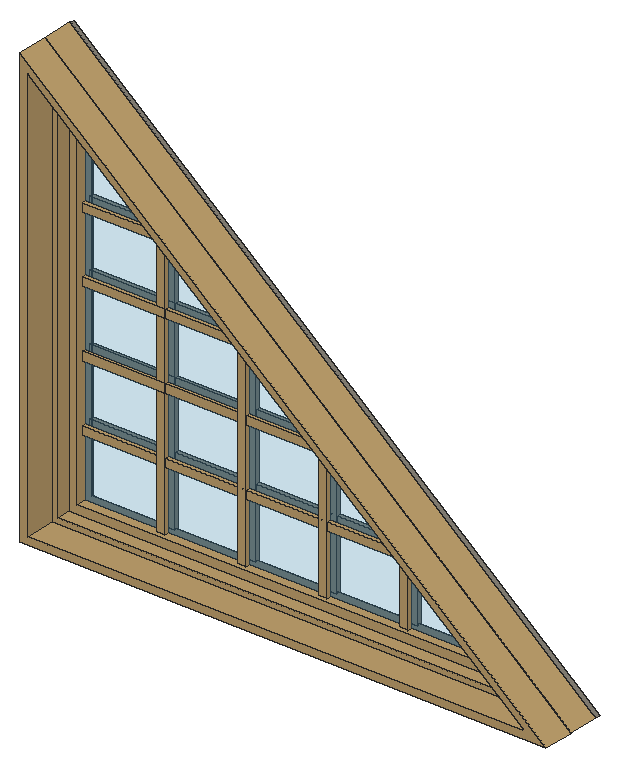
Revit family
Parameters (values of type "CCNTPRYDGPOLY P3-2")
  Window Type = "Clad Contemporary Direct Glaze Polygon P3-2"
  URL = "www.marvin.com"
  Slope per foot = 0' - 10"
  Slope Length = Width / cos(Slope Angle)  # 5' - 2.482"
  Slope Angle = atan(Slope per foot / 1' 0")  # 39.8056°
  Nominal Width = Width  # 4' - 0"
  Nominal Height = Height  # 3' - 4"
  Muntins Interior Visibility = yes
  Muntins Interior Material = Wood-Marvin-Pine
  Muntins Exterior Visibility = yes
  Muntins Exterior Material = Aluminum-Marvin-Bronze
  Model = "CCNTPRYDGPOLY P3-2"
  Mask Offset [instance] = if(Inset to Installation Flange = 0' 1 3/32", 0' 0 1/32", 0' 0")  # 0' - 0"
  Mask [instance] = Inset to Installation Flange > 0' 1 3/32"  # no
  Manufacturer = "Marvin Windows and Doors"
  Lites Wide = 6
  Lites High = 6
  Label Visibility = no
  Interior Material = Wood-Marvin-Pine
  Glazing Material = Glass-Marvin-IG Low E II with Argon
  Glass Type = "IG Low E II with Argon"
  Frame = "Aluminum Clad"
  Family created by = "www.rbuiltcomponents.com"
  Rough Width = Width + (0' 0 1/2" / sin(Slope Angle)) + 0' 0 1/2"  # 4' - 1.28102"
  Rough Height = Height + (0' 0 1/2" / cos(Slope Angle)) + (0' 0 1/2" * tan(Slope Angle))  # 3' - 5.06752"
  Jamb Extension Visibility = yes
  Inset to Installation Flange [instance] = 0' - 1"
  Height = Slope Length * sin(Slope Angle)  # 3' - 4"
  Design Pressure = if(or(Width > 10' 0", Height > 6' 0"), "", "DP40")  # "DP40"
  Description = "FIXED"
  Default Head Height = 8' - 0"
  Wall Closure = (empty or 0)
  Width = 4' - 0"
  Daylight Area = DLO Width * DLO Height / 2  # 4.76802 SF
  DLO Width = Width - (0' 1 31/32" + (0' 1 31/32" / tan(Slope Angle / 2)))  # 3' - 4.59346"
  DLO Height = Height - (0' 1 31/32" + (0' 1 31/32" / tan((90.00° - Slope Angle) / 2)))  # 2' - 9.82789"
  Cladding Material = Aluminum-Marvin-Bronze
  Assembly Code = ""
Reference planes (in)
  plane 1 "Center (Front/Back)": y = 0
  plane 2: z = 0
  plane 3 "Center (Left/Right)": x = -3
  plane 4 "Left": x = -27
  plane 5 "Right": x = 21
  plane 6 "Sill": z = 56
  plane 7 "Top": z = 96
  plane 8 "Inset": y = 2
  plane 9 "Glazing": y = 2.70313
  plane 10 "Jamb Ext Face": y = -0.1875
  plane 11: z = 76
  plane 12: y = -0.21875
  plane 13 "Glazing2": y = 1.89063
Forms (in)
  Sweep 1, solid, material "Aluminum-Marvin-Bronze" <- "Cladding Material"
    path origin (0, 2.70313, 0) x (1, 0, 0) y (0, 0, 1)
      loop
        line (-27, 96) -> (-27, 56) -> (21, 56) -> (-27, 96)
    profile "Profile_Ext_Clad_Frame : Profile_Ext_Clad_Frame" origin (-27, 2.70313, 76) x (1, 0, 0) y (0, -1, 0)
      loop
        line (0, 0) -> (0, -0.35938) -> (1.76689, -0.35938) -> (1.76689, -0.24087) -> (1.97001, -0.03774) -> (1.97001, 0) -> (0, 0)
  Sweep 2, solid, material "Wood-Marvin-Pine" <- "Interior Material"
    path origin (0, 2.70313, 0) x (1, 0, 0) y (0, 0, 1)
      loop
        line (-27, 96) -> (-27, 56) -> (21, 56) -> (-27, 96)
    profile "Profile_Int_Frame : Profile_Int_Frame" origin (-27, 2.70313, 76) x (1, 0, 0) y (0, -1, 0)
      loop
        line (1.1875, 2.89062) -> (0, 2.89062) -> (0, 0) -> (1.1875, 0) -> (1.1875, 0.8125) -> (1.97001, 0.8125) -> (1.97001, 1.68812) -> (1.1875, 1.68812) -> (1.1875, 2.89062)
  Extrusion 3, solid, material "Wood-Marvin-Pine" <- "Interior Material", visible <- "Jamb Extension Visibility", detail levels medium+fine
    sketch origin (0, -0.1875, 0) x (1, 0, 0) y (0, 0, 1)
      loop
        line (-27, 56) -> (21, 56) -> (-27, 96) -> (-27, 56)
      loop
        line (-26.3125, 56.6875) -> (19.10109, 56.6875) -> (-26.3125, 94.53216) -> (-26.3125, 56.6875)
    from 0.03125 to 2.8125
  Extrusion 4, solid, material "Glass-Marvin-IG Low E II with Argon" <- "Glazing Material"
    sketch origin (0, 2.70313, 0) x (1, 0, 0) y (0, 0, 1)
      loop
        line (17.46112, 57.28125) -> (-25.71875, 93.26448) -> (-25.71875, 57.28125) -> (17.46112, 57.28125)
    from 0 to 0.125
  Extrusion 5, solid, material "Glass-Marvin-IG Low E II with Argon" <- "Glazing Material"
    sketch origin (0, 1.89063, 0) x (1, 0, 0) y (0, 0, 1)
      loop
        line (17.46112, 57.28125) -> (-25.71875, 93.26448) -> (-25.71875, 57.28125) -> (17.46112, 57.28125)
    from 0 to -0.125
Lines and regions (in)
  Opening 1
    outline origin (-60, -3, 0) x (1, 0, 0) y (0, 0, 1)
      loop
        line (33, 96) -> (33, 56) -> (81, 56) -> (33, 96)
  Masking region 1, visible <- "Mask"
    outline origin (-3, 0, 0) x (0, 1, 0) y (0, 0, 1)
      loop
        line (3.0625, 96) -> (3, 96) -> (3, 56) -> (3.0625, 56) -> (3.0625, 96)
  Masking region 2, visible <- "Jamb Extension Visibility"
    outline origin (0, 0, 56) x (0, -1, 0) y (1, 0, 0)
      loop
        line (-3, -27) -> (3, -27) -> (3, 21) -> (-3, 21) -> (-3, -27)
  Masking region 3
    outline origin (-3, 0, 0) x (0, 1, 0) y (0, 0, 1)
      loop
        line (-0.21875, 96) -> (-3, 96) -> (-3, 56) -> (-0.21875, 56) -> (-0.21875, 96)
  symbolic lines, style "Jamb Extension", visible <- "Jamb Extension Visibility", detail levels fine
    curve 1: line (-27, -3, 56) -> (-26.3125, -3, 56)
    curve 2: line (-26.3125, -3, 56) -> (-26.3125, -0.21875, 56)
    curve 3: line (21, -3, 56) -> (20.3125, -3, 56)
    curve 4: line (20.3125, -3, 56) -> (20.3125, -0.21875, 56)
    curve 5: line (-3, -3, 95.3125) -> (-3, -0.21875, 95.3125)
    curve 6: line (-3, -3, 56.6875) -> (-3, -0.21875, 56.6875)
  symbolic lines, style "WindowsFrameMullionProjection", visible <- "Jamb Extension Visibility", detail levels coarse+medium
    curve 7: line (-26.3125, -0.21875, 56) -> (-26.3125, -3, 56)
    curve 8: line (-26.3125, -3, 56) -> (-27, -3, 56)
    curve 9: line (20.3125, -0.21875, 56) -> (20.3125, -3, 56)
    curve 10: line (20.3125, -3, 56) -> (21, -3, 56)
    curve 13: line (-3, -0.21875, 95.3125) -> (-3, -3, 95.3125)
    curve 14: line (-3, -3, 95.3125) -> (-3, -3, 96)
    curve 15: line (-3, -0.21875, 56.6875) -> (-3, -3, 56.6875)
    curve 16: line (-3, -3, 56.6875) -> (-3, -3, 56)
  symbolic lines, style "Jamb Extension", visible <- "Jamb Extension Visibility"
    curve 11: line (-3, -3, 56.6875) -> (-3, -3, 56)
    curve 12: line (-3, -3, 95.3125) -> (-3, -3, 96)
  reference lines
    curve 17: line (-27, 0, 96) -> (21, 0, 56)
Text (in)
  text "EXTERIOR" at (-58.6888, 50.90694, 0), in view "Ref. Level"
  text "INTERIOR" at (-58.6888, -37.76638, 0), in view "Ref. Level"
  text "Exterior" at (0, 43.65631, 123.19604), in view "Left"
  text "Exterior" at (0, 18.29385, 125.04747), in view "Right"
Dimensions and locks (in)
  equal spacing: plane 4 "Left", plane 3 "Center (Left/Right)", plane 5 "Right"
  "Width": plane 4 "Left" to plane 5 "Right"
  "Height": plane 6 "Sill" to plane 7 "Top"
  "Inset to Installation Flange": host wall to plane 8 "Inset"
  locked: plane 8 "Inset" to plane 9 "Glazing" at 0.70312
  locked: plane 10 "Jamb Ext Face" to plane 8 "Inset" at 2.1875
  locked: plane 4 "Left" to Extrusion 4 sketch curve at 1.28125
  equal spacing: plane 6 "Sill", plane 11, plane 7 "Top"
  "Default Head Height": plane 2 to plane 7 "Top"
  locked: Extrusion 3 sketch curve to Extrusion 3 sketch curve at 0.6875  (x2)
  locked: nested 3 to host wall at 12.00106
  locked: plane 4 "Left" to Extrusion 5 sketch curve at 1.28125
  "Slope Length": curve 17 to curve 17
  locked: curve 13 to plane 7 "Top" at 0.6875
  locked: plane 12 to plane 10 "Jamb Ext Face" at 0.03125
  "Mask Offset": Masking region 1 sketch curve to host wall
  locked: curve 17 to Extrusion 4 sketch curve at 1.28125
  locked: curve 17 to Extrusion 5 sketch curve at 1.28125
  locked: plane 13 "Glazing2" to plane 8 "Inset" at 0.10937
  "Slope Angle": angle plane 7 "Top" to curve 17
  aligned and locked: plane 4 "Left" to Opening 1 sketch curve
  aligned and locked: nested 1 to plane 3 "Center (Left/Right)"
  aligned and locked: plane 8 "Inset" to nested 1
  aligned and locked: host wall to curve 1
  aligned and locked: curve 3 to host wall
  aligned and locked: Sweep 1 sketch curve to plane 4 "Left"
  aligned and locked: Sweep 2 sketch curve to plane 4 "Left"
  aligned and locked: plane 8 "Inset" to nested 2
  aligned and locked: host wall to Extrusion 3
  aligned and locked: plane 3 "Center (Left/Right)" to nested 3
  aligned and locked: plane 7 "Top" to Masking region 1 sketch curve
  aligned and locked: Masking region 1 sketch curve to plane 6 "Sill"
  aligned and locked: Extrusion 3 sketch curve to plane 4 "Left"
  aligned and locked: curve 2 to Extrusion 3
  aligned and locked: plane 4 "Left" to curve 8
  aligned and locked: curve 7 to Extrusion 3
  aligned and locked: curve 8 to host wall
  aligned and locked: plane 5 "Right" to curve 10
  aligned and locked: host wall to curve 10
  aligned and locked: plane 6 "Sill" to curve 11
  aligned and locked: plane 7 "Top" to curve 12
  aligned and locked: plane 7 "Top" to curve 14
  aligned and locked: host wall to curve 14
  aligned and locked: plane 6 "Sill" to curve 16
  aligned and locked: Extrusion 4 to plane 9 "Glazing"
  aligned and locked: plane 9 "Glazing" to Extrusion 4
  aligned and locked: plane 4 "Left" to curve 17
  aligned and locked: Sweep 1 sketch curve to curve 17
  aligned and locked: Sweep 2 sketch curve to curve 17
  aligned and locked: Extrusion 3 sketch curve to curve 17
  aligned: Extrusion 5 sketch curve to Extrusion 4
  aligned and locked: Opening 1 sketch curve to curve 17
  aligned and locked: plane 6 "Sill" to nested 2
  aligned and locked: Extrusion 3 to curve 7
  aligned and locked: Extrusion 3 to curve 2
  aligned and locked: Extrusion 3 to curve 9
  aligned and locked: Extrusion 3 to curve 4
  aligned and locked: Masking region 2 sketch curve to plane 4 "Left"
  aligned and locked: plane 5 "Right" to Masking region 2 sketch curve
  aligned and locked: Masking region 2 sketch curve to host wall  (x2)
  aligned and locked: Extrusion 3 to curve 13
  aligned and locked: Extrusion 3 to curve 5
  aligned and locked: Extrusion 3 to curve 15
  aligned and locked: Extrusion 3 to curve 6
  aligned and locked: Extrusion 3 to plane 12
  aligned and locked: plane 7 "Top" to Masking region 3 sketch curve
  aligned and locked: Masking region 3 sketch curve to plane 6 "Sill"
  aligned and locked: plane 12 to Masking region 3 sketch curve
  aligned and locked: Masking region 3 sketch curve to host wall
  aligned and locked: Opening 1 sketch curve to plane 6 "Sill"
  aligned and locked: plane 6 "Sill" to curve 17
  aligned and locked: plane 6 "Sill" to nested 4
  aligned: plane 4 "Left" to nested 4
  aligned: nested 5 to plane 4 "Left"
  aligned and locked: nested 5 to plane 6 "Sill"
  aligned and locked: plane 9 "Glazing" to nested 4
  aligned and locked: plane 4 "Left" to nested 4
  aligned and locked: nested 5 to plane 4 "Left"
  aligned and locked: plane 13 "Glazing2" to nested 5
  aligned and locked: Masking region 1 sketch curve to Sweep 1
Automatic sketch dimensions
  Extrusion 3 sketch curve to plane 4 "Left" = 0' - 0 11/16"
  curve 1 to plane 4 "Left" = 0' - 0"
  curve 3 to plane 5 "Right" = 0' - 0"
  curve 11 to host wall = 0' - 0"
  plane 5 "Right" to Sweep 1 sketch curve = 0' - 0"
  plane 5 "Right" to Extrusion 3 sketch curve = 0' - 0"
  plane 5 "Right" to curve 4 = 0' - 0 11/16"
  plane 5 "Right" to Sweep 2 sketch curve = 0' - 0"
  plane 5 "Right" to Extrusion 4 sketch curve = 0' - 3.53888"
  curve 16 to plane 6 "Sill" = 0' - 0 11/16"
  Extrusion 5 sketch curve to plane 6 "Sill" = 0' - 1 9/32"
Nested families (in)
  nested 1: "Polygon_Plan_Detail" at (-3, 2, 56) x (-1, 0, 0) z (0, 0, -1), type "Polygon_Plan_Detail"
  nested 2: "Polygon_Section_Detail" at (-3, 2, 96) x (0, -1, 0) z (1, 0, 0), type "Polygon_Section_Detail"
    with Height 3' - 4"
  nested 3: "Label Annotation 1-16 w6" at (-3, 15.00106, 0), visible <- "Label Visibility", type "Label Annotation 1-16 w6"
    with Nominal Height 3' - 4"
  nested 4: "Muntins" at (-28.39844, 2.70312, 22.03125), Muntin Material <- "Muntins Exterior Material", visible <- "Muntins Exterior Visibility", type "Muntins"
    with Muntin Material Aluminum-Marvin-Bronze, Width_Calc 3' - 8.09968", Slope Angle 39.8056°, Offset Vert 0' - 3.86976", Offset Horiz 0' - 5.00622", Inset Vert2 0' - 3 9/16", Inset Horiz2 0' - 3.38193", Height_Calc 3' - 0.19765", GlazingWidth 3' - 4.59346", GlazingHeight 2' - 9.82789", Width 3' - 4.90596", Height 2' - 10.14039", Inset Vert 0' - 6.97495", Inset Horiz 0' - 5.65794", Frame Width 3' - 11.72468", Frame Height 3' - 3.82265", Center_W_Calc 1' - 8.45298", Center_H_Calc 1' - 5.07019"
  nested 5: "Muntins" at (-28.39844, 1.89063, 22.03125), Muntin Material <- "Muntins Interior Material", visible <- "Muntins Interior Visibility", type "Muntins"
    with Muntin Material Wood-Marvin-Pine, Width_Calc 3' - 8.09968", Slope Angle 39.8056°, Offset Vert 0' - 3.86976", Offset Horiz 0' - 5.00622", Inset Vert2 0' - 3 9/16", Inset Horiz2 0' - 3.38193", Height_Calc 3' - 0.19765", GlazingWidth 3' - 4.59346", GlazingHeight 2' - 9.82789", Width 3' - 4.90596", Height 2' - 10.14039", Inset Vert 0' - 6.97495", Inset Horiz 0' - 5.65794", Frame Width 3' - 11.72468", Frame Height 3' - 3.82265", Center_W_Calc 1' - 8.45298", Center_H_Calc 1' - 5.07019"
Definition of nested family "Muntins"
  Parameters (values of type "Muntins")
    Width_Calc = Width + (Offset Horiz - 0' 1 13/16")  # 4' - 2.87576"
    Slope Angle = 45.00°
    Offset Vert = (0' 1 13/16" / tan((90.00° - Slope Angle) / 2))  # 0' - 4.37576"
    Offset Horiz = (0' 1 13/16" / tan(Slope Angle / 2))  # 0' - 4.37576"
    Inset Vert2 = Inset Vert - (Offset Horiz - 0' 1 31/32") - (MuntinWidth / 2)  # 0' - 5.32228"
    Inset Horiz2 = Inset Horiz - (Offset Vert - 0' 1 31/32") - (MuntinWidth / 2)  # 0' - 5.32228"
    Height_Calc = Height + (Offset Vert - 0' 1 13/16")  # 4' - 2.87576"
    GlazingWidth = 4' - 0"
    GlazingHeight = 4' - 0"
    Width = GlazingWidth + 0' 0 5/16"  # 4' - 0 5/16"
    VerticalMuntins = if(LitesHorizontal < 3, 2, LitesHorizontal - 1)  # 5
    VertMuntVisible = LitesHorizontal > 2  # yes
    MuntinWidth = 0' - 0 3/4"
    MuntinDepth = 0' - 0 5/16"
    Muntin Material [instance] = none
    LitesVertical = 6
    LitesHorizontal = 6
    HorizontalMuntins = if(LitesVertical < 3, 2, LitesVertical - 1)  # 5
    HorizMuntVisible = LitesVertical > 2  # yes
    Height = GlazingHeight + 0' 0 5/16"  # 4' - 0 5/16"
    Inset Vert = if(LitesHorizontal < 3, (Width_Calc / 3) - (MuntinWidth / 2), (Width_Calc / LitesHorizontal) - (MuntinWidth / 2))  # 0' - 8.10429"
    Inset Horiz = if(LitesVertical < 3, (Height_Calc / 3) - (MuntinWidth / 2), (Height_Calc / LitesVertical) - (MuntinWidth / 2))  # 0' - 8.10429"
    Frame Height = Height + Offset Vert + 0' 1 13/16"  # 4' - 6.50076"
    Frame Width = Width + Offset Horiz + 0' 1 13/16"  # 4' - 6.50076"
    Center_W_Calc = Width / 2  # 2' - 0 5/32"
    Center_H_Calc = Height / 2  # 2' - 0 5/32"
    CenterMuntinVertical = LitesHorizontal = 2  # no
    CenterMuntinHorizontal = LitesVertical = 2  # no
    Assembly Code = ""
  Reference planes (in)
    plane 1 "Center (Front/Back)": y = 0
    plane 2: z = 0
    plane 3 "Center (Left/Right)": x = 1.39844
    plane 4: z = 33.96875
    plane 5: x = 55.8992
    plane 6: z = 88.46951
    plane 7: z = 59.9375
    plane 8: x = 27.36719
    plane 9: x = 3.21094
    plane 10: z = 35.78125
    plane 11: x = 11.31523
    plane 12: z = 43.88554
    plane 13: z = 78.77147
    plane 14: x = 46.20116
    plane 15: x = 51.52344
    plane 16: z = 84.09375
  Forms (in)
    Extrusion 1, solid, material <- "Muntin Material", visible <- "CenterMuntinVertical"
      sketch origin (34.39844, 0, 0) x (1, 0, 0) y (0, 0, 1)
        loop
          line (-7.40625, 84.09375) -> (-7.40625, 35.78125) -> (-6.65625, 35.78125) -> (-6.65625, 84.09375) -> (-7.40625, 84.09375)
      from 0 to 0.3125 <- "MuntinDepth"
    Extrusion 2, solid, material <- "Muntin Material", visible <- "CenterMuntinHorizontal"
      sketch origin (25.39714, 0, 14.6875) x (1, 0, 0) y (0, 0, 1)
        loop
          line (-22.17988, 45.625) -> (-22.17988, 44.875) -> (26.13262, 44.875) -> (26.13262, 45.625) -> (-22.17988, 45.625)
      from 0 to 0.3125 <- "MuntinDepth"
    Extrusion 3, void
      sketch origin (25.39844, 0, 0) x (1, 0, 0) y (0, 0, 1)
        loop
          line (30.50076, 88.46951) -> (-26.34229, 88.46951) -> (30.50076, 31.62646) -> (30.50076, 88.46951)
      from 0 to 12
    Extrusion 4, solid, material <- "Muntin Material", visible <- "HorizMuntVisible"
      sketch origin (0, 0, -2.99708) x (1, 0, 0) y (0, 0, 1)
        loop
          line (3.21094, 46.88262) -> (51.52344, 46.88262) -> (51.52344, 47.63262) -> (3.21094, 47.63262) -> (3.21094, 46.88262)
      from 0 to 0.3125 <- "MuntinDepth"
    Extrusion 5, solid, material <- "Muntin Material", visible <- "HorizMuntVisible"
      sketch origin (0, 0, 31.13885) x (1, 0, 0) y (0, 0, 1)
        loop
          line (3.21094, 46.88262) -> (51.52344, 46.88262) -> (51.52344, 47.63262) -> (3.21094, 47.63262) -> (3.21094, 46.88262)
      from 0 to 0.3125 <- "MuntinDepth"
    Extrusion 6, solid, material <- "Muntin Material", visible <- "HorizMuntVisible"
      sketch origin (0, 0, 5.5369) x (1, 0, 0) y (0, 0, 1)
        loop
          line (3.21094, 46.88262) -> (51.52344, 46.88262) -> (51.52344, 47.63262) -> (3.21094, 47.63262) -> (3.21094, 46.88262)
      from 0 to 0.3125 <- "MuntinDepth"
    Extrusion 7, solid, material <- "Muntin Material", visible <- "HorizMuntVisible"
      sketch origin (0, 0, 14.07088) x (1, 0, 0) y (0, 0, 1)
        loop
          line (3.21094, 46.88262) -> (51.52344, 46.88262) -> (51.52344, 47.63262) -> (3.21094, 47.63262) -> (3.21094, 46.88262)
      from 0 to 0.3125 <- "MuntinDepth"
    Extrusion 8, solid, material <- "Muntin Material", visible <- "HorizMuntVisible"
      sketch origin (0, 0, 22.60487) x (1, 0, 0) y (0, 0, 1)
        loop
          line (3.21094, 46.88262) -> (51.52344, 46.88262) -> (51.52344, 47.63262) -> (3.21094, 47.63262) -> (3.21094, 46.88262)
      from 0 to 0.3125 <- "MuntinDepth"
    Extrusion 9, solid, material <- "Muntin Material", visible <- "HorizMuntVisible"
      sketch origin (-2.99708, 0, 0) x (1, 0, 0) y (0, 0, 1)
        loop
          line (14.31231, 35.78125) -> (15.06231, 35.78125) -> (15.06231, 84.09375) -> (14.31231, 84.09375) -> (14.31231, 35.78125)
      from 0 to 0.3125 <- "MuntinDepth"
    Extrusion 10, solid, material <- "Muntin Material", visible <- "HorizMuntVisible"
      sketch origin (31.13885, 0, 0) x (1, 0, 0) y (0, 0, 1)
        loop
          line (14.31231, 35.78125) -> (15.06231, 35.78125) -> (15.06231, 84.09375) -> (14.31231, 84.09375) -> (14.31231, 35.78125)
      from 0 to 0.3125 <- "MuntinDepth"
    Extrusion 11, solid, material <- "Muntin Material", visible <- "HorizMuntVisible"
      sketch origin (5.5369, 0, 0) x (1, 0, 0) y (0, 0, 1)
        loop
          line (14.31231, 35.78125) -> (15.06231, 35.78125) -> (15.06231, 84.09375) -> (14.31231, 84.09375) -> (14.31231, 35.78125)
      from 0 to 0.3125 <- "MuntinDepth"
    Extrusion 12, solid, material <- "Muntin Material", visible <- "HorizMuntVisible"
      sketch origin (14.07088, 0, 0) x (1, 0, 0) y (0, 0, 1)
        loop
          line (14.31231, 35.78125) -> (15.06231, 35.78125) -> (15.06231, 84.09375) -> (14.31231, 84.09375) -> (14.31231, 35.78125)
      from 0 to 0.3125 <- "MuntinDepth"
    Extrusion 13, solid, material <- "Muntin Material", visible <- "HorizMuntVisible"
      sketch origin (22.60487, 0, 0) x (1, 0, 0) y (0, 0, 1)
        loop
          line (14.31231, 35.78125) -> (15.06231, 35.78125) -> (15.06231, 84.09375) -> (14.31231, 84.09375) -> (14.31231, 35.78125)
      from 0 to 0.3125 <- "MuntinDepth"
  Cuts and joins
    Extrusion 3 cuts Extrusion 1
    Extrusion 3 cuts Extrusion 2
    Extrusion 3 cuts Extrusion 9
    Extrusion 3 cuts Extrusion 11
    Extrusion 3 cuts Extrusion 12
    Extrusion 3 cuts Extrusion 13
    Extrusion 3 cuts Extrusion 10
    Extrusion 3 cuts Extrusion 5
    Extrusion 3 cuts Extrusion 8
    Extrusion 3 cuts Extrusion 7
    Extrusion 3 cuts Extrusion 6
    Extrusion 3 cuts Extrusion 4
  Lines and regions (in)
    reference lines
      curve 1: line (55.8992, 0, 33.96875) -> (1.39844, 0, 88.46951)
  Dimensions and locks (in)
    "MuntinWidth": Extrusion 1 sketch curve to Extrusion 1 sketch curve
    "Height": Extrusion 1 sketch curve to Extrusion 1 sketch curve
    "MuntinWidth": Extrusion 2 sketch curve to Extrusion 2 sketch curve
    "Width": Extrusion 2 sketch curve to Extrusion 2 sketch curve
    equal spacing: Extrusion 1 sketch curve, plane 8, Extrusion 1 sketch curve
    equal spacing: Extrusion 2 sketch curve, plane 7, Extrusion 2 sketch curve
    locked: plane 10 to plane 4 at 1.8125
    plane 9 to plane 3 "Center (Left/Right)" = 0' - 1 13/16"
    "Inset Vert": plane 11 to plane 9
    "Inset Horiz": plane 12 to plane 10
    "Inset Horiz2": plane 16 to plane 13
    "Inset Vert2": plane 15 to plane 14
    "Width": plane 15 to plane 9
    locked: Extrusion 3 sketch curve to curve 1 at 1.65625
    "Height": plane 16 to plane 10
    "Center_H_Calc": plane 7 to plane 10
    "Center_W_Calc": plane 8 to plane 9
    "Offset Vert": plane 6 to plane 16
    "Offset Horiz": plane 5 to plane 15
    "MuntinWidth": Extrusion 4 sketch curve to Extrusion 4 sketch curve
    "Width": Extrusion 4 sketch curve to Extrusion 4 sketch curve
    "MuntinWidth": Extrusion 5 sketch curve to Extrusion 5 sketch curve
    "Width": Extrusion 5 sketch curve to Extrusion 5 sketch curve
    equal spacing: group 2, group 4, group 5, group 6, group 3  (x3)
    "MuntinWidth": Extrusion 6 sketch curve to Extrusion 6 sketch curve
    "Width": Extrusion 6 sketch curve to Extrusion 6 sketch curve
    "MuntinWidth": Extrusion 7 sketch curve to Extrusion 7 sketch curve
    "Width": Extrusion 7 sketch curve to Extrusion 7 sketch curve
    "MuntinWidth": Extrusion 8 sketch curve to Extrusion 8 sketch curve
    "Width": Extrusion 8 sketch curve to Extrusion 8 sketch curve
    "MuntinWidth": Extrusion 9 sketch curve to Extrusion 9 sketch curve
    "Height": Extrusion 9 sketch curve to Extrusion 9 sketch curve
    "MuntinWidth": Extrusion 10 sketch curve to Extrusion 10 sketch curve
    "Height": Extrusion 10 sketch curve to Extrusion 10 sketch curve
    equal spacing: group 7, group 9, group 10, group 11, group 8  (x3)
    "MuntinWidth": Extrusion 11 sketch curve to Extrusion 11 sketch curve
    "Height": Extrusion 11 sketch curve to Extrusion 11 sketch curve
    "MuntinWidth": Extrusion 12 sketch curve to Extrusion 12 sketch curve
    "Height": Extrusion 12 sketch curve to Extrusion 12 sketch curve
    "MuntinWidth": Extrusion 13 sketch curve to Extrusion 13 sketch curve
    "Height": Extrusion 13 sketch curve to Extrusion 13 sketch curve
    aligned and locked: plane 4 to curve 1
    aligned and locked: plane 6 to curve 1
    aligned and locked: plane 3 "Center (Left/Right)" to curve 1
    aligned and locked: plane 5 to curve 1
    aligned and locked: plane 6 to Extrusion 3 sketch curve
    aligned and locked: plane 5 to Extrusion 3 sketch curve
    aligned and locked: Extrusion 4 to plane 12
    aligned and locked: plane 13 to Extrusion 5
    aligned and locked: Extrusion 5 to plane 9
    aligned and locked: Extrusion 4 to plane 9
    aligned and locked: Extrusion 9 to plane 11
    aligned and locked: plane 14 to Extrusion 10
    aligned and locked: Extrusion 10 to plane 10
    aligned and locked: Extrusion 9 to plane 10
  Automatic sketch dimensions
    Extrusion 1 sketch curve to plane 10 = 0' - 0"
    plane 9 to Extrusion 2 sketch curve = 0' - 0.00632"
    Extrusion 2 sketch curve to plane 7 = 0' - 0 3/8"
    Extrusion 1 sketch curve to plane 8 = 0' - 0 3/8"
Definition of nested family "Polygon_Plan_Detail"
  Parameters (values of type "Polygon_Plan_Detail")
    Width = 4' - 0"
    Assembly Code = ""
  Reference planes (in)
    plane 1 "Center (Front/Back)": y = 0
    plane 2: z = 0
    plane 3 "Center (Left/Right)": x = 0
    plane 4: x = -24
    plane 5: x = 24
  Lines and regions (in)
    Masking region 1, in view "Ref. Level"
      outline origin (0, 0, 0) x (1, 0, 0) y (0, 1, 0)
        loop
          line (-24, 1.0625) -> (-24, -2.1875) -> (24, -2.1875) -> (24, 1.0625) -> (-24, 1.0625)
    detail lines, style "Cut Lines", in view "Ref. Level", detail levels fine
      curve 1: line (-22.625, 0.67188, 0) -> (22.625, 0.67188, 0)
      curve 2: line (22.625, 0.54688, 0) -> (-22.625, 0.54688, 0)
      curve 3: line (-22.625, 0.01563, 0) -> (22.625, 0.01563, 0)
      curve 4: line (22.625, -0.10937, 0) -> (-22.625, -0.10937, 0)
    detail lines, style "Frame/Mullion", in view "Ref. Level", detail levels coarse+medium
      curve 5: line (-22.8125, -2.1875, 0) -> (-24, -2.1875, 0)
      curve 6: line (-22.8125, -2.1875, 0) -> (-22.8125, -0.985, 0)
      curve 7: line (-22.02999, 1.0625, 0) -> (-24, 1.0625, 0)
      curve 8: line (-22.8125, -0.985, 0) -> (-22.02999, -0.985, 0)
      curve 9: line (-22.02999, -0.985, 0) -> (-22.02999, 1.0625, 0)
      curve 10: line (22.02999, 1.0625, 0) -> (24, 1.0625, 0)
      curve 11: line (22.8125, -2.1875, 0) -> (24, -2.1875, 0)
      curve 12: line (22.8125, -2.1875, 0) -> (22.8125, -0.985, 0)
      curve 13: line (22.8125, -0.985, 0) -> (22.02999, -0.985, 0)
      curve 14: line (22.02999, -0.985, 0) -> (22.02999, 1.0625, 0)
    detail lines, style "Glass", in view "Ref. Level", detail levels coarse+medium
      curve 15: line (-22.02999, 0.03875, 0) -> (22.02999, 0.03875, 0)
    detail lines, in view "Ref. Level", detail levels coarse+medium
      curve 16: line (-22.02999, -0.985, 0) -> (22.02999, -0.985, 0)
  Dimensions and locks (in)
    equal spacing: plane 4, plane 3 "Center (Left/Right)", plane 5
    "Width": plane 4 to plane 5
    aligned and locked: plane 1 "Center (Front/Back)" to nested 1
    aligned and locked: nested 1 to plane 4
    aligned and locked: plane 5 to nested 2
    aligned and locked: nested 2 to plane 1 "Center (Front/Back)"
    aligned and locked: nested 1 to curve 1
    aligned and locked: nested 1 to curve 2
    aligned and locked: nested 1 to curve 3
    aligned and locked: curve 4 to nested 1  (x2)
    aligned and locked: nested 2 to curve 1
    aligned and locked: nested 2 to curve 2
    aligned and locked: nested 2 to curve 3
    aligned and locked: curve 4 to nested 2
    aligned and locked: curve 1 to nested 1
    aligned and locked: curve 2 to nested 1
    aligned and locked: curve 3 to nested 1
    aligned and locked: Masking region 1 sketch curve to nested 1  (x2)
    aligned and locked: Masking region 1 sketch curve to nested 2  (x2)
    aligned and locked: curve 5 to nested 1
    aligned and locked: curve 6 to nested 1
    aligned and locked: curve 7 to nested 1
    aligned and locked: curve 8 to nested 1
    aligned and locked: curve 9 to nested 1
    aligned and locked: curve 10 to nested 2
    aligned and locked: curve 11 to nested 2
    aligned and locked: curve 12 to nested 2
    aligned and locked: curve 13 to nested 2
    aligned and locked: curve 14 to nested 2
  Automatic sketch dimensions
    curve 7 to plane 4 = 0' - 0"
    curve 5 to plane 4 = 0' - 0"
    curve 10 to plane 5 = 0' - 0"
    curve 11 to plane 5 = 0' - 0"
    curve 15 to plane 1 "Center (Front/Back)" = 0' - 0.03875"
  Nested families (in)
    nested 1: "Jamb_Detail" at (-24, 0, 0), type "Jamb_Detail", in view "Ref. Level", detail levels fine
    nested 2: "Jamb_Detail" at (24, 0, 0) x (-1, 0, 0) z (0, 0, 1), type "Jamb_Detail", in view "Ref. Level", detail levels fine
  Definition of nested family "Jamb_Detail"
    Parameters (values of type "Jamb_Detail")
      Assembly Code = ""
    Reference planes (in)
      plane 1 "Center (Front/Back)": y = 0
      plane 2: z = 0
      plane 3 "Center (Left/Right)": x = 0
    Lines and regions (in)
      detail lines, style "Cut Lines", in view "Ref. Level"
        curve 1: line (1.1875, 2.1875, 0) -> (0, 2.1875, 0)
        curve 2: line (0, 2.1875, 0) -> (0, -1.0625, 0)
        curve 3: line (1.1875, 2.1875, 0) -> (1.1875, 0.985, 0)
        curve 4: line (1.1875, 0.985, 0) -> (1.97001, 0.985, 0)
        curve 5: line (1.97001, 0.985, 0) -> (1.97001, 0.10938, 0)
        curve 6: line (1.97001, 0.10938, 0) -> (1.1875, 0.10938, 0)
        curve 7: line (-0.15502, 0, 0) -> (-1.50502, 0, 0)
        curve 8: line (0, -0.045, 0) -> (-1.50502, -0.045, 0)
        curve 9: line (0, 0.11, 0) -> (-0.15502, 0.11, 0)
        curve 10: line (-0.15502, 0, 0) -> (-0.15502, 0.11, 0)
        curve 11: line (1.76689, -1.0625, 0) -> (0, -1.0625, 0)
        curve 12: line (1.76689, -0.94399, 0) -> (1.76689, -1.0625, 0)
        curve 13: line (1.1875, -0.70312, 0) -> (1.97001, -0.70312, 0)
        curve 14: line (-1.50502, 0, 0) -> (-1.50502, -0.045, 0)
        curve 15: line (1.97001, -0.70312, 0) -> (1.97001, -0.74087, 0)
        curve 16: line (1.1875, 0.10937, 0) -> (1.1875, -0.70312, 0)
        curve 17: line (1.375, 0.10938, 0) -> (1.375, -0.67188, 0)
        curve 18: line (1.76689, -0.94399, 0) -> (1.97001, -0.74087, 0)
        curve 19: line (1.75021, -0.01563, 0) -> (1.75021, -0.54688, 0)
Definition of nested family "Polygon_Section_Detail"
  Parameters (values of type "Polygon_Section_Detail")
    Height = 3' - 0"
    Assembly Code = ""
  Reference planes (in)
    plane 1 "Center (Front/Back)": y = 0
    plane 2: z = 0
    plane 3 "Center (Left/Right)": x = 0
    plane 4: y = 36
  Lines and regions (in)
    Masking region 1, in view "Ref. Level"
      outline origin (0, 0, 0) x (1, 0, 0) y (0, 1, 0)
        loop
          line (-1.0625, 36) -> (-1.0625, 0) -> (2.1875, 0) -> (2.1875, 36) -> (-1.0625, 36)
    detail lines, style "Cut Lines", in view "Ref. Level", detail levels fine
      curve 1: line (-0.67188, 1.375, 0) -> (-0.67188, 34.625, 0)
      curve 2: line (-0.54688, 34.625, 0) -> (-0.54688, 1.375, 0)
      curve 3: line (-0.01563, 1.375, 0) -> (-0.01563, 34.625, 0)
      curve 4: line (0.10937, 34.625, 0) -> (0.10937, 1.375, 0)
    detail lines, style "Frame/Mullion", in view "Ref. Level", detail levels coarse+medium
      curve 5: line (-1.0625, 34.02999, 0) -> (-1.0625, 36, 0)
      curve 6: line (0.985, 34.02999, 0) -> (-1.0625, 34.02999, 0)
      curve 7: line (0.985, 34.8125, 0) -> (0.985, 34.02999, 0)
      curve 8: line (2.1875, 34.8125, 0) -> (0.985, 34.8125, 0)
      curve 9: line (2.1875, 34.8125, 0) -> (2.1875, 36, 0)
      curve 10: line (-1.0625, 1.97001, 0) -> (-1.0625, 0, 0)
      curve 11: line (0.985, 1.97001, 0) -> (-1.0625, 1.97001, 0)
      curve 12: line (0.985, 1.1875, 0) -> (0.985, 1.97001, 0)
      curve 13: line (2.1875, 1.1875, 0) -> (0.985, 1.1875, 0)
      curve 14: line (2.1875, 1.1875, 0) -> (2.1875, 0, 0)
    detail lines, in view "Ref. Level", detail levels coarse+medium
      curve 15: line (0.985, 1.97001, 0) -> (0.985, 34.02999, 0)
    detail lines, style "Glass", in view "Ref. Level", detail levels coarse+medium
      curve 16: line (-0.03875, 1.97001, 0) -> (-0.03875, 34.02999, 0)
  Dimensions and locks (in)
    "Height": plane 4 to plane 1 "Center (Front/Back)"
    aligned and locked: nested 1 to plane 4
    aligned and locked: plane 3 "Center (Left/Right)" to nested 1
    aligned and locked: plane 1 "Center (Front/Back)" to nested 2
    aligned and locked: nested 2 to plane 3 "Center (Left/Right)"
    aligned and locked: nested 1 to curve 1
    aligned and locked: nested 1 to curve 2
    aligned and locked: nested 1 to curve 3
    aligned and locked: curve 4 to nested 1
    aligned and locked: nested 2 to curve 1
    aligned and locked: nested 2 to curve 2
    aligned and locked: nested 2 to curve 3
    aligned and locked: curve 4 to nested 2  (x2)
    aligned and locked: curve 1 to nested 2
    aligned and locked: curve 2 to nested 2
    aligned and locked: curve 3 to nested 2
    aligned and locked: Masking region 1 sketch curve to nested 1  (x2)
    aligned and locked: Masking region 1 sketch curve to nested 2  (x2)
    aligned and locked: curve 5 to nested 1
    aligned and locked: curve 6 to nested 1
    aligned and locked: curve 7 to nested 1
    aligned and locked: curve 8 to nested 1
    aligned and locked: curve 9 to nested 1
    aligned and locked: curve 10 to nested 2
    aligned and locked: curve 11 to nested 2
    aligned and locked: curve 12 to nested 2
    aligned and locked: curve 13 to nested 2
    aligned and locked: curve 14 to nested 2
  Automatic sketch dimensions
    plane 1 "Center (Front/Back)" to curve 14 = 0' - 0"
    plane 1 "Center (Front/Back)" to curve 10 = 0' - 0"
    curve 9 to plane 4 = 0' - 0"
    curve 5 to plane 4 = 0' - 0"
    curve 16 to plane 3 "Center (Left/Right)" = 0' - 0.03875"
  Nested families (in)
    nested 1: "Head_Detail" at (0, 36, 0), type "Head_Detail", in view "Ref. Level", detail levels fine
    nested 2: "Head_Detail" at (0, 0, 0), type "Head_Detail", in view "Ref. Level", detail levels fine
  Definition of nested family "Head_Detail"
    Parameters (values of type "Head_Detail")
      Assembly Code = ""
    Reference planes (in)
      plane 1 "Center (Front/Back)": y = 0
      plane 2: z = 0
      plane 3 "Center (Left/Right)": x = 0
    Lines and regions (in)
      detail lines, style "Cut Lines", in view "Ref. Level"
        curve 1: line (2.1875, -1.1875, 0) -> (2.1875, 0, 0)
        curve 2: line (2.1875, 0, 0) -> (-1.0625, 0, 0)
        curve 3: line (2.1875, -1.1875, 0) -> (0.985, -1.1875, 0)
        curve 4: line (0.985, -1.1875, 0) -> (0.985, -1.97001, 0)
        curve 5: line (0.985, -1.97001, 0) -> (0.10938, -1.97001, 0)
        curve 6: line (0.10938, -1.97001, 0) -> (0.10938, -1.1875, 0)
        curve 7: line (0, 0.15502, 0) -> (0, 1.50502, 0)
        curve 8: line (-0.045, 0, 0) -> (-0.045, 1.50502, 0)
        curve 9: line (0.11, 0, 0) -> (0.11, 0.15502, 0)
        curve 10: line (0, 0.15502, 0) -> (0.11, 0.15502, 0)
        curve 11: line (-1.0625, -1.76689, 0) -> (-1.0625, 0, 0)
        curve 12: line (-0.94399, -1.76689, 0) -> (-1.0625, -1.76689, 0)
        curve 13: line (-0.70312, -1.1875, 0) -> (-0.70312, -1.97001, 0)
        curve 14: line (0, 1.50502, 0) -> (-0.045, 1.50502, 0)
        curve 15: line (-0.70312, -1.97001, 0) -> (-0.74087, -1.97001, 0)
        curve 16: line (0.10938, -1.1875, 0) -> (-0.70312, -1.1875, 0)
        curve 17: line (0.10938, -1.375, 0) -> (-0.67187, -1.375, 0)
        curve 18: line (-0.94399, -1.76689, 0) -> (-0.74087, -1.97001, 0)
        curve 19: line (-0.01563, -1.75021, 0) -> (-0.54688, -1.75021, 0)
Definition of nested family "Label Annotation 1-16 w6"
  Parameters
    Nominal Width = 4' - 0"
    Nominal Height = 6' - 0"
    Label = ""
    Egress Info = "EGRESS WDW"
    Description = "DBHG MGNM"
  Reference planes (in)
    plane 1: y = 0
    plane 2: x = 0
  Text (in)
    label "Nominal Width X  Nominal Height Description" at (0.00375, -0.00345, 0), shows "Nominal Width", "Nominal Height", "Description"
